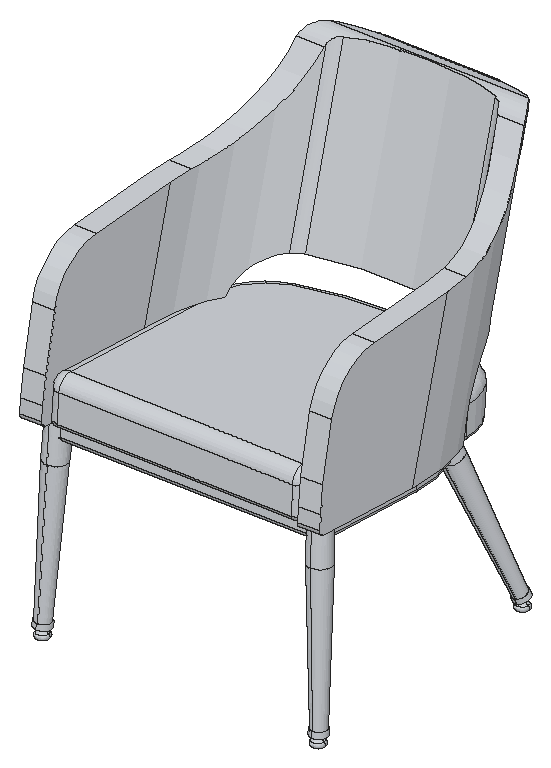
Revit family "Falcon-Metal-Tufgrain_9509-1", category Furniture, Revit 2017
Family settings
  OmniClass Number = 23.40.20.00
  OmniClass Title = General Furniture and Specialties
  Work Plane-Based = No
  Always vertical = Yes
  Cut with Voids When Loaded = No
  Shared = No
  Room Calculation Point = No
Parameters (values of type "9509-1")
  Width = 570.00 mm
  URL = "URL"
  Seat Material [instance] = none
  Product Documentation Link = "URL"
  Model = "9509-1 Lounge Chair"
  Manufacturer = "Falcon"
  Leg Material [instance] = none
  Inside Backrest Material [instance] = none
  Height = 820.00 mm
  Frame Material [instance] = none
  Description = "Tufgrain lounge chair"
  Depth = 650.00 mm
  Copyright © = "Inc"
  Outside Backrest Material [instance] = none
  Assembly Code = "E2020200"
Reference planes
  plane 1 "Center (Front/Back)": y = 0
  plane 2: z = 0
  plane 3 "Center (Left/Right)": x = 0
  plane 4: x = -285
  plane 5: y = -325
  plane 6: y = 325
  plane 7: x = 285
  plane 8: through (-240.125, -1524, 20.259) normal (-0.9798, 0, 0.1998)
  plane 9: through (-262.516, -1524, 20.259) normal (-0.9992, 0, 0.0388)
  plane 10: through (0, 325, 799.278) normal (0, -0.9637, 0.2672)
  plane 11: through (0, 169.774, 177.132) normal (0, 0.2672, 0.9637)
  plane 12: through (165.313, 296.44, 964.01) normal (0, -0.9637, 0.2672)
Forms (mm)
  Revolve 1, solid
    sketch origin (-311.957, -296.233, 1200) x (-1, 0, 0) y (0, 0, 1)
      loop
        line (-49.98, -1181.88) -> (-49.98, -1200) -> (-41.423, -1200)
        arc (-41.423, -1200) -> (-37.217, -1196.845) -> (-39.068, -1191.923) r 4.382
        arc (-39.068, -1191.923) -> (-43.025, -1187.601) -> (-44.291, -1181.88) r 11.317
        line (-44.291, -1181.88) -> (-49.98, -1181.88)
      axis (-49.98, -1200) -> (-49.98, -1181.88)
    angle from 0 to 360
  Revolve 2, solid
    sketch origin (-290.437, 216.267, 1200) x (-1, 0, 0) y (0, 0, 1)
      loop
        line (-49.98, -1176.191) -> (-49.98, -1200) -> (-41.423, -1200)
        arc (-41.423, -1200) -> (-37.217, -1196.845) -> (-39.068, -1191.923) r 4.382
        arc (-39.068, -1191.923) -> (-43.025, -1187.601) -> (-44.291, -1181.88) r 11.317
        arc (-44.291, -1181.88) -> (-45.957, -1177.857) -> (-49.98, -1176.191) r 5.689
      axis (-49.98, -1200) -> (-49.98, -1176.191)
    angle from 0 to 360
  Sweep 3, solid, material <- "Leg Material"
    path origin (0, 203.399, 328.688) x (0, -0.998253, 0.059076) y (1, 0, 0)
      loop
        line (269.648, -238.084) -> (467.3, -238.084) -> (467.3, 238.084) -> (269.648, 238.084)
        arc (269.648, 238.084) -> (31.564, 0) -> (269.648, -238.084) r 238.084
    profile origin (0, 171.89, 330.553) x (0, 0.998253, -0.059076) y (0, 0.059076, 0.998253)
      loop
        line (16.093, -16) -> (20.67, -16)
        arc (20.67, -16) -> (25.196, -14.125) -> (27.07, -9.6) r 6.4
        line (27.07, -9.6) -> (27.07, 9.595)
        arc (27.07, 9.595) -> (25.198, 14.118) -> (20.677, 15.995) r 6.4
        line (20.677, 15.995) -> (16.093, 16) -> (11.509, 15.995)
        arc (11.509, 15.995) -> (6.988, 14.118) -> (5.116, 9.595) r 6.4
        line (5.116, 9.595) -> (5.116, -9.6)
        arc (5.116, -9.6) -> (6.99, -14.125) -> (11.516, -16) r 6.4
        line (11.516, -16) -> (16.093, -16)
  Revolve 4, solid, material <- "Leg Material"
    sketch origin (-240.125, -1524, 20.259) x (-0.19977, 0, -0.979843) y (0, -1, 0)
      loop
        line (-7.782, -1736.744) -> (-316.088, -1624.53) -> (-320.488, -1645.5) -> (-276.173, -1661.63) -> (-12.168, -1748.794) -> (-7.782, -1736.744)
      axis (-7.782, -1736.744) -> (-316.088, -1624.53)
    angle from 0 to 360
  Revolve 5, solid, material <- "Leg Material"
    sketch origin (-262.516, -1524, 20.259) x (-0.038826, 0, -0.999246) y (0, -1, 0)
      loop
        line (-7.937, -1228.866) -> (-354.698, -1249.372) -> (-353.486, -1269.867) -> (-276.983, -1265.958) -> (-7.14, -1242.35) -> (-7.937, -1228.866)
      axis (-7.937, -1228.866) -> (-354.698, -1249.372)
    angle from 0 to 360
  Extrusion 6, void
    sketch origin (0, 203.399, 328.688) x (0, -0.998253, 0.059076) y (1, 0, 0)
      loop
        line (478.796, -268.594) -> (497.811, -268.594) -> (497.811, -249.58)
        arc (497.811, -249.58) -> (492.242, -263.025) -> (478.796, -268.594) r 19.015
      loop
        arc (478.796, 268.594) -> (492.242, 263.025) -> (497.811, 249.58) r 19.015
        line (497.811, 249.58) -> (497.811, 268.594) -> (478.796, 268.594)
    from -39.499 to 78.119
  Revolve 7, solid, material <- "Leg Material"
    sketch origin (262.516, -1524, 20.259) x (0.038826, 0, -0.999246) y (0, 1, 0)
      loop
        line (-7.937, 1228.866) -> (-7.14, 1242.35) -> (-276.983, 1265.958) -> (-353.486, 1269.867) -> (-354.698, 1249.372) -> (-7.937, 1228.866)
      axis (-7.937, 1228.866) -> (-354.698, 1249.372)
    angle from 0 to 360
  Extrusion 8, solid, material <- "Seat Material"
    sketch origin (0, 203.399, 328.688) x (0, -0.998253, 0.059076) y (1, 0, 0)
      loop
        line (489.718, -222.202) -> (489.718, 222.202)
        arc (489.718, 222.202) -> (489.425, 222.909) -> (488.718, 223.202) r 1
        line (488.718, 223.202) -> (131.894, 223.202)
        arc (131.894, 223.202) -> (76.742, 205.554) -> (42.081, 159.165) r 95
        arc (42.081, 159.165) -> (15.436, -0.039) -> (42.187, -159.225) r 487.965
        arc (42.187, -159.225) -> (76.852, -205.572) -> (131.979, -223.202) r 95
        line (131.979, -223.202) -> (488.718, -223.202)
        arc (488.718, -223.202) -> (489.425, -222.909) -> (489.718, -222.202) r 1
    from 16.634 to 101
  Sweep 9, solid, material <- "Seat Material"
    path in 3D
      loop
        arc (222.202, -279.497, 458.443) -> (222.909, -279.205, 458.425) -> (223.202, -278.499, 458.384) r 1
        line (223.202, -278.499, 458.384) -> (223.202, 77.702, 437.304)
        arc (223.202, 77.702, 437.304) -> (205.554, 132.757, 434.046) -> (159.165, 167.357, 431.998) r 95
        arc (159.165, 167.357, 431.998) -> (-0.039, 193.957, 430.424) -> (-159.225, 167.252, 432.004) r 487.965
        arc (-159.225, 167.252, 432.004) -> (-205.572, 132.647, 434.052) -> (-223.202, 77.617, 437.309) r 95
        line (-223.202, 77.617, 437.309) -> (-223.202, -278.499, 458.384)
        arc (-223.202, -278.499, 458.384) -> (-222.909, -279.205, 458.425) -> (-222.202, -279.497, 458.443) r 1
        line (-222.202, -279.497, 458.443) -> (222.202, -279.497, 458.443)
    profile origin (0, -279.497, 458.443) x (0, 0.998253, -0.059076) y (0, 0.059076, 0.998253)
      loop
        arc (0, 0) -> (-18.113, -7.503) -> (-25.615, -25.615) r 25.615
        line (-25.615, -25.615) -> (-25.615, -78.563)
        arc (-25.615, -78.563) -> (-23.915, -82.666) -> (-19.812, -84.366) r 5.803
        line (-19.812, -84.366) -> (0, -84.366) -> (0, 0)
  Extrusion 10, solid, material <- "Inside Backrest Material"
    sketch origin (0, 169.774, 177.132) x (0, 0.963651, -0.267164) y (-1, 0, 0)
      loop
        arc (-76.448, 141.958) -> (-58.166, -2.5) -> (-76.448, -146.958) r 579.846
        arc (-76.448, -146.958) -> (-80.843, -157.069) -> (-88.164, -165.313) r 35
        arc (-88.164, -165.313) -> (-193.686, -225.001) -> (-313.14, -245.702) r 355
        line (-313.14, -245.702) -> (-596.631, -245.702) -> (-596.631, -287.502) -> (-313.14, -287.502)
        arc (-313.14, -287.502) -> (-179.621, -264.364) -> (-61.674, -197.647) r 396.8
        arc (-61.674, -197.647) -> (-45.608, -179.559) -> (-35.966, -157.372) r 76.8
        arc (-35.966, -157.372) -> (-16.366, -2.5) -> (-35.966, 152.372) r 621.646
        arc (-35.966, 152.372) -> (-45.608, 174.559) -> (-61.674, 192.647) r 76.8
        arc (-61.674, 192.647) -> (-179.621, 259.364) -> (-313.14, 282.502) r 396.8
        line (-313.14, 282.502) -> (-596.631, 282.502) -> (-596.631, 240.702) -> (-313.14, 240.702)
        arc (-313.14, 240.702) -> (-193.686, 220.001) -> (-88.164, 160.313) r 355
        arc (-88.164, 160.313) -> (-80.843, 152.069) -> (-76.448, 141.958) r 35
    from 0 to 656.243
  Extrusion 11, void
    sketch origin (0, 0, 0) x (0, 1, 0) y (0, 0, 1)
      loop
        line (56.076, 353.544) -> (-315.091, 375.51)
        arc (-315.091, 375.51) -> (-321.977, 378.851) -> (-324.483, 386.083) r 10
        line (-324.483, 386.083) -> (-322.911, 412.646)
        arc (-322.911, 412.646) -> (-320.569, 436.869) -> (-316.429, 460.85) r 326.523
        line (-316.429, 460.85) -> (-294.916, 562.678)
        arc (-294.916, 562.678) -> (-259.219, 623.166) -> (-194.197, 649.723) r 110
        line (-194.197, 649.723) -> (28.342, 663.719)
        arc (28.342, 663.719) -> (156.049, 704.591) -> (249.121, 801.117) r 274.285
        arc (249.121, 801.117) -> (267.835, 817.494) -> (292.665, 818.875) r 38.187
        line (292.665, 818.875) -> (316.978, 811.986)
        arc (316.978, 811.986) -> (323.681, 806.704) -> (324.71, 798.232) r 11.189
        line (324.71, 798.232) -> (370.577, 798.232) -> (370.577, 1031.521) -> (-484.423, 1031.521) -> (-484.423, 141.521) -> (265.577, 141.521) -> (265.577, 485.89) -> (162.981, 488.362)
        arc (162.981, 488.362) -> (86.292, 457.725) -> (55.477, 381.107) r 105
        line (55.477, 381.107) -> (56.076, 353.544)
    from -367.976 to 349.939
  Revolve 12, solid, material <- "Leg Material"
    sketch origin (240.125, -1524, 20.259) x (0.19977, 0, -0.979843) y (0, 1, 0)
      loop
        line (-7.782, 1736.744) -> (-12.168, 1748.794) -> (-276.173, 1661.63) -> (-320.488, 1645.5) -> (-316.088, 1624.53) -> (-7.782, 1736.744)
      axis (-7.782, 1736.744) -> (-316.088, 1624.53)
    angle from 0 to 360
  Extrusion 13, solid
    sketch origin (238.57, 212.744, 27.884) x (-0.979843, 0, -0.19977) y (-0.068325, 0.939693, 0.335126)
      loop
        circle (0, 0) r 14.824
    from 0 to 9.7
  Extrusion 14, solid
    sketch origin (262.208, -295.134, 28.19) x (-0.999246, 0, -0.038826) y (0.002292, 0.998256, -0.058987)
      loop
        circle (0, 0) r 15.507
    from 0 to 10
  Revolve 15, solid
    sketch origin (311.957, -296.233, 1200) x (1, 0, 0) y (0, 0, -1)
      loop
        line (-49.98, 1181.88) -> (-44.291, 1181.88)
        arc (-44.291, 1181.88) -> (-43.025, 1187.601) -> (-39.068, 1191.923) r 11.317
        arc (-39.068, 1191.923) -> (-37.217, 1196.845) -> (-41.423, 1200) r 4.382
        line (-41.423, 1200) -> (-49.98, 1200) -> (-49.98, 1181.88)
      axis (-49.98, 1200) -> (-49.98, 1181.88)
    angle from 0 to 360
  Extrusion 16, solid
    sketch origin (-238.57, 212.744, 27.884) x (0.979843, 0, -0.19977) y (-0.068325, -0.939693, -0.335126)
      loop
        circle (0, 0) r 14.824
    from 0 to 9.7
  Extrusion 17, solid
    sketch origin (-262.208, -295.134, 28.19) x (0.999246, 0, -0.038826) y (0.002292, -0.998256, 0.058987)
      loop
        circle (0, 0) r 15.507
    from 0 to 10
  Revolve 18, solid
    sketch origin (290.437, 216.267, 1200) x (1, 0, 0) y (0, 0, -1)
      loop
        arc (-49.98, 1176.191) -> (-45.957, 1177.857) -> (-44.291, 1181.88) r 5.689
        arc (-44.291, 1181.88) -> (-43.025, 1187.601) -> (-39.068, 1191.923) r 11.317
        arc (-39.068, 1191.923) -> (-37.217, 1196.845) -> (-41.423, 1200) r 4.382
        line (-41.423, 1200) -> (-49.98, 1200) -> (-49.98, 1176.191)
      axis (-49.98, 1200) -> (-49.98, 1176.191)
    angle from 0 to 360
Cuts and joins
  Extrusion 6 cuts Sweep 3
  joined: Extrusion 8, Sweep 9
  Extrusion 11 cuts Extrusion 10
Lines and regions (mm)
  Masking region 1
    outline origin (0, 0, 0) x (1, 0, 0) y (0, 1, 0)
      loop
        spline (-152.372, 309.079) -> (-155.326, 308.287) -> (-158.246, 307.382) -> (-161.125, 306.366) -> (-163.96, 305.24) -> (-166.746, 304.005) -> (-169.479, 302.665) -> (-172.153, 301.221) -> (-174.766, 299.675) -> (-177.313, 298.03) -> (-179.789, 296.289) -> (-182.191, 294.453) -> (-184.514, 292.527)
        spline (-184.514, 292.527) -> (-185.244, 291.888) -> (-185.965, 291.236) -> (-186.677, 290.572) -> (-187.38, 289.896) -> (-188.073, 289.207) -> (-188.757, 288.508) -> (-189.432, 287.797) -> (-190.096, 287.074) -> (-190.75, 286.341) -> (-191.393, 285.598) -> (-192.025, 284.844) -> (-192.647, 284.08)
        spline (-192.647, 284.08) -> (-195.107, 280.942) -> (-197.473, 277.785) -> (-199.756, 274.602) -> (-201.958, 271.396) -> (-204.033, 268.223) -> (-205.991, 265.077) -> (-207.804, 262.005) -> (-209.445, 259.05) -> (-210.915, 256.224) -> (-212.161, 253.619) -> (-213.178, 251.256) -> (-213.982, 249.121)
        line (-213.982, 249.121) -> (-225.877, 218.133)
        spline (-225.877, 218.133) -> (-226.115, 219.746) -> (-226.554, 221.308) -> (-227.187, 222.796) -> (-228.005, 224.19) -> (-228.996, 225.47) -> (-230.147, 226.618) -> (-231.442, 227.618) -> (-232.862, 228.457) -> (-234.387, 229.121) -> (-235.997, 229.602) -> (-237.669, 229.894) -> (-239.378, 229.991)
        spline (-239.378, 229.991) -> (-242.511, 229.669) -> (-245.545, 228.715) -> (-248.34, 227.175) -> (-250.767, 225.12) -> (-252.713, 222.645) -> (-254.088, 219.864) -> (-254.828, 216.908) -> (-254.898, 213.912) -> (-254.297, 211.016) -> (-253.05, 208.354) -> (-251.217, 206.049) -> (-248.882, 204.208)
        line (-248.882, 204.208) -> (-238.544, 182.038)
        spline (-238.544, 182.038) -> (-241.325, 173.551) -> (-244.681, 164.056) -> (-248.478, 153.617) -> (-252.561, 142.323) -> (-256.789, 130.232) -> (-261.028, 117.4) -> (-265.148, 103.882) -> (-269.023, 89.733) -> (-272.533, 75.021) -> (-275.561, 59.817) -> (-277.992, 44.225) -> (-279.727, 28.342)
        spline (-279.727, 28.342) -> (-280.17, 24.234) -> (-280.574, 20.122) -> (-280.94, 16.006) -> (-281.268, 11.887) -> (-281.557, 7.765) -> (-281.808, 3.641) -> (-282.02, -0.486) -> (-282.194, -4.614) -> (-282.329, -8.744) -> (-282.425, -12.875) -> (-282.483, -17.006) -> (-282.502, -21.138)
        line (-282.502, -21.138) -> (-282.502, -325) -> (-240.702, -325) -> (-240.702, -310) -> (0, -310) -> (240.702, -310) -> (240.702, -325) -> (282.502, -325) -> (282.502, -21.138)
        spline (282.502, -21.138) -> (282.483, -17.006) -> (282.425, -12.875) -> (282.329, -8.744) -> (282.194, -4.614) -> (282.02, -0.486) -> (281.808, 3.641) -> (281.557, 7.765) -> (281.268, 11.887) -> (280.94, 16.006) -> (280.574, 20.122) -> (280.17, 24.234) -> (279.727, 28.342)
        spline (279.727, 28.342) -> (277.992, 44.225) -> (275.561, 59.817) -> (272.533, 75.021) -> (269.023, 89.733) -> (265.148, 103.882) -> (261.028, 117.4) -> (256.789, 130.232) -> (252.561, 142.323) -> (248.478, 153.617) -> (244.681, 164.056) -> (241.325, 173.551) -> (238.544, 182.038)
        line (238.544, 182.038) -> (248.882, 204.208)
        spline (248.882, 204.208) -> (251.217, 206.049) -> (253.05, 208.354) -> (254.297, 211.016) -> (254.898, 213.912) -> (254.828, 216.908) -> (254.088, 219.864) -> (252.713, 222.645) -> (250.767, 225.12) -> (248.34, 227.175) -> (245.545, 228.715) -> (242.511, 229.669) -> (239.378, 229.991)
        spline (239.378, 229.991) -> (237.669, 229.894) -> (235.997, 229.602) -> (234.387, 229.121) -> (232.862, 228.457) -> (231.442, 227.618) -> (230.147, 226.618) -> (228.996, 225.47) -> (228.005, 224.19) -> (227.187, 222.796) -> (226.554, 221.308) -> (226.115, 219.746) -> (225.877, 218.133)
        line (225.877, 218.133) -> (213.982, 249.121)
        spline (213.982, 249.121) -> (213.178, 251.256) -> (212.161, 253.619) -> (210.915, 256.224) -> (209.445, 259.05) -> (207.804, 262.005) -> (205.991, 265.077) -> (204.033, 268.223) -> (201.958, 271.396) -> (199.756, 274.602) -> (197.473, 277.785) -> (195.107, 280.942) -> (192.647, 284.08)
        spline (192.647, 284.08) -> (192.025, 284.844) -> (191.393, 285.598) -> (190.75, 286.341) -> (190.096, 287.074) -> (189.431, 287.797) -> (188.757, 288.508) -> (188.073, 289.208) -> (187.379, 289.896) -> (186.677, 290.572) -> (185.964, 291.236) -> (185.244, 291.888) -> (184.514, 292.527)
        spline (184.514, 292.527) -> (182.191, 294.453) -> (179.789, 296.289) -> (177.313, 298.03) -> (174.766, 299.675) -> (172.153, 301.221) -> (169.479, 302.665) -> (166.746, 304.005) -> (163.96, 305.24) -> (161.125, 306.366) -> (158.246, 307.382) -> (155.326, 308.287) -> (152.372, 309.079)
        spline (152.372, 309.079) -> (149.357, 309.818) -> (146.339, 310.542) -> (143.316, 311.251) -> (140.291, 311.946) -> (137.261, 312.626) -> (134.228, 313.292) -> (131.192, 313.943) -> (128.152, 314.579) -> (125.11, 315.201) -> (122.064, 315.808) -> (119.014, 316.4) -> (115.962, 316.978)
        arc (115.962, 316.978) -> (0, 325) -> (-115.962, 316.978) r 842.133
        spline (-115.962, 316.978) -> (-119.014, 316.4) -> (-122.064, 315.808) -> (-125.11, 315.201) -> (-128.152, 314.579) -> (-131.192, 313.943) -> (-134.228, 313.292) -> (-137.261, 312.626) -> (-140.291, 311.946) -> (-143.316, 311.251) -> (-146.339, 310.542) -> (-149.357, 309.818) -> (-152.372, 309.079)
  sketch lines
    curve 1: line (-222.202, -279.497, 458.443) -> (222.202, -279.497, 458.443)
    curve 2: line (-223.202, 77.617, 437.309) -> (-223.202, -278.499, 458.384)
    curve 3: arc (-222.202, -279.497, 458.443) -> (-222.909, -279.205, 458.425) -> (-223.202, -278.499, 458.384) r 1
    curve 4: arc (223.202, -278.499, 458.384) -> (222.909, -279.205, 458.425) -> (222.202, -279.497, 458.443) r 1
    curve 5: line (223.202, -278.499, 458.384) -> (223.202, 77.702, 437.304)
    curve 6: arc (-223.202, 77.617, 437.309) -> (-205.572, 132.647, 434.052) -> (-159.225, 167.252, 432.004) r 95
    curve 7: arc (159.165, 167.357, 431.998) -> (205.554, 132.757, 434.046) -> (223.202, 77.702, 437.304) r 95
    curve 8: arc (-159.225, 167.252, 432.004) -> (-0.039, 193.957, 430.424) -> (159.165, 167.357, 431.998) r 487.965
  symbolic lines, detail levels medium+fine
    curve 9: line (-208.149, 55.477, 0) -> (-161.681, 162.701, 0)
    curve 10: spline (-161.681, 162.701, 0) -> (-160.483, 164.34, 0) -> (-159.191, 165.907, 0) -> (-157.81, 167.396, 0) -> (-156.344, 168.802, 0) -> (-154.8, 170.12, 0) -> (-153.181, 171.346, 0) -> (-151.494, 172.477, 0) -> (-149.744, 173.507, 0) -> (-147.936, 174.433, 0) -> (-146.078, 175.253, 0) -> (-144.176, 175.964, 0) -> (-142.235, 176.563, 0)
    curve 11: spline (-142.235, 176.563, 0) -> (-118.53, 182.32, 0) -> (-94.598, 187.046, 0) -> (-70.484, 190.731, 0) -> (-46.232, 193.368, 0) -> (-21.889, 194.952, 0) -> (2.5, 195.481, 0) -> (26.889, 194.952, 0) -> (51.232, 193.368, 0) -> (75.484, 190.731, 0) -> (99.598, 187.046, 0) -> (123.53, 182.32, 0) -> (147.235, 176.563, 0)
    curve 12: spline (147.235, 176.563, 0) -> (149.176, 175.964, 0) -> (151.078, 175.253, 0) -> (152.936, 174.433, 0) -> (154.744, 173.507, 0) -> (156.494, 172.477, 0) -> (158.181, 171.346, 0) -> (159.8, 170.12, 0) -> (161.344, 168.802, 0) -> (162.81, 167.396, 0) -> (164.191, 165.907, 0) -> (165.483, 164.34, 0) -> (166.681, 162.701, 0)
    curve 13: line (166.681, 162.701, 0) -> (213.149, 55.477, 0)
    curve 14: arc (-65.886, 190.873, 0) -> (-131.856, 163.992, 0) -> (-188.646, 120.984, 0) r 273.471
    curve 15: arc (65.886, 190.873, 0) -> (138.158, 160.292, 0) -> (198.769, 110.445, 0) r 273.471
    curve 16: line (-240.702, -324.5, 0) -> (-240.702, -21.129, 0)
    curve 17: line (-162.003, 249.121, 0) -> (-237.597, 28.342, 0)
    curve 18: spline (-237.597, 28.342, 0) -> (-238.092, 24.238, 0) -> (-238.545, 20.13, 0) -> (-238.955, 16.017, 0) -> (-239.321, 11.899, 0) -> (-239.645, 7.779, 0) -> (-239.925, 3.655, 0) -> (-240.162, -0.472, 0) -> (-240.357, -4.601, 0) -> (-240.508, -8.731, 0) -> (-240.616, -12.863, 0) -> (-240.681, -16.996, 0) -> (-240.702, -21.129, 0)
    curve 19: line (-141.958, 267.995, 0) -> (-160.313, 252.73, 0)
    curve 20: spline (-160.313, 252.73, 0) -> (-160.483, 252.402, 0) -> (-160.648, 252.078, 0) -> (-160.809, 251.759, 0) -> (-160.963, 251.445, 0) -> (-161.112, 251.136, 0) -> (-161.256, 250.832, 0) -> (-161.395, 250.533, 0) -> (-161.528, 250.24, 0) -> (-161.655, 249.952, 0) -> (-161.777, 249.669, 0) -> (-161.893, 249.392, 0) -> (-162.003, 249.121, 0)
    curve 21: line (240.702, -324.5, 0) -> (240.702, -21.129, 0)
    curve 22: spline (160.313, 252.73, 0) -> (160.483, 252.402, 0) -> (160.648, 252.078, 0) -> (160.809, 251.759, 0) -> (160.963, 251.445, 0) -> (161.112, 251.136, 0) -> (161.256, 250.832, 0) -> (161.395, 250.533, 0) -> (161.528, 250.24, 0) -> (161.655, 249.952, 0) -> (161.777, 249.669, 0) -> (161.893, 249.392, 0) -> (162.003, 249.121, 0)
    curve 23: line (-225.852, 218.135, 0) -> (-238.544, 182.038, 0)
    curve 24: line (225.852, 218.135, 0) -> (238.544, 182.038, 0)
    curve 25: line (162.003, 249.121, 0) -> (237.597, 28.342, 0)
    curve 26: spline (237.597, 28.342, 0) -> (238.092, 24.238, 0) -> (238.545, 20.13, 0) -> (238.955, 16.017, 0) -> (239.321, 11.899, 0) -> (239.645, 7.779, 0) -> (239.925, 3.655, 0) -> (240.162, -0.472, 0) -> (240.357, -4.601, 0) -> (240.508, -8.731, 0) -> (240.616, -12.863, 0) -> (240.681, -16.996, 0) -> (240.702, -21.129, 0)
    curve 27: line (141.958, 267.995, 0) -> (160.313, 252.73, 0)
    curve 28: spline (160.313, 252.73, 0) -> (160.483, 252.402, 0) -> (160.648, 252.078, 0) -> (160.809, 251.759, 0) -> (160.963, 251.445, 0) -> (161.112, 251.136, 0) -> (161.256, 250.832, 0) -> (161.395, 250.533, 0) -> (161.528, 250.24, 0) -> (161.655, 249.952, 0) -> (161.777, 249.669, 0) -> (161.893, 249.392, 0) -> (162.003, 249.121, 0)
Dimensions and locks
  equal spacing: plane 5, plane 1 "Center (Front/Back)", plane 6
  equal spacing: plane 4, plane 3 "Center (Left/Right)", plane 7
  "Width": plane 4 to plane 7
  "Depth": plane 5 to plane 6
  radius of Extrusion 11 sketch curve = 105.00 mm
  aligned and locked: level to plane 2
  aligned and locked: plane 3 "Center (Left/Right)" to nested 1
  aligned and locked: plane 1 "Center (Front/Back)" to nested 1
Automatic sketch dimensions
  Revolve 1 sketch curve to level = 0.00 mm
  plane 4 to Revolve 1 sketch curve = 23.022 mm
  Revolve 1 sketch curve to Revolve 1 sketch curve = 5.689 mm
  level to Revolve 1 sketch curve = 4.382 mm
  Revolve 1 sketch curve to Revolve 1 sketch curve = 8.556 mm
  plane 4 to Revolve 1 sketch curve = 6.027 mm
  Revolve 1 sketch curve to Revolve 1 sketch curve = 13.238 mm
  Revolve 1 sketch curve to Revolve 1 sketch curve = 10.044 mm
  Revolve 1 sketch curve to Revolve 1 sketch curve = 0.00 mm  (x2)
  Revolve 1 sketch curve to Revolve 1 sketch curve = 13.373 mm
  Revolve 2 sketch curve to level = 0.00 mm
  level to Revolve 2 sketch curve = 23.809 mm
  plane 4 to Revolve 2 sketch curve = 44.543 mm
  Revolve 2 sketch curve to Revolve 2 sketch curve = 8.556 mm
  Revolve 2 sketch curve to Revolve 2 sketch curve = 8.439 mm
  level to Revolve 2 sketch curve = 4.382 mm
  Revolve 2 sketch curve to Revolve 2 sketch curve = 13.238 mm
  Revolve 2 sketch curve to Revolve 2 sketch curve = 5.689 mm
  Revolve 2 sketch curve to Revolve 2 sketch curve = 0.00 mm  (x2)
  Revolve 2 sketch curve to Revolve 2 sketch curve = 7.684 mm
  Sweep 3 sketch curve to profile plane = 5.116 mm
  Sweep 3 sketch curve to Sweep 3 sketch curve = 6.393 mm
  Sweep 3 sketch curve to Sweep 3 sketch curve = 6.40 mm  (x3)
  Sweep 3 sketch curve to Sweep 3 sketch curve = 4.584 mm  (x2)
  Sweep 3 sketch curve to Sweep 3 sketch curve = 4.577 mm  (x3)
  Sweep 3 sketch curve to profile plane = 16.00 mm
  profile plane to Sweep 3 sketch curve = 9.595 mm  (x2)
  Sweep 3 sketch curve to Sweep 3 sketch curve = 0.005 mm
  Revolve 4 sketch curve to plane 1 "Center (Front/Back)" = 121.50 mm
  Revolve 4 sketch curve to plane 1 "Center (Front/Back)" = 100.53 mm  (x2)
  Revolve 4 sketch curve to Revolve 4 sketch curve = 4.401 mm
  Revolve 4 sketch curve to plane 1 "Center (Front/Back)" = 137.63 mm
  Revolve 4 sketch curve to Revolve 4 sketch curve = 44.316 mm
  plane 6 to Revolve 4 sketch curve = 100.206 mm
  Revolve 4 sketch curve to Revolve 4 sketch curve = 264.005 mm
  plane 6 to Revolve 4 sketch curve = 112.256 mm
  Revolve 4 sketch curve to plane 1 "Center (Front/Back)" = 93.689 mm
  Revolve 4 sketch curve to Revolve 4 sketch curve = 18.794 mm
  Revolve 4 sketch curve to Revolve 4 sketch curve = 0.00 mm
  plane 5 to Revolve 5 sketch curve = 50.372 mm  (x2)
  plane 5 to Revolve 5 sketch curve = 70.867 mm
  Revolve 5 sketch curve to Revolve 5 sketch curve = 1.212 mm
  plane 5 to Revolve 5 sketch curve = 66.958 mm
  Revolve 5 sketch curve to Revolve 5 sketch curve = 76.502 mm
  plane 5 to Revolve 5 sketch curve = 29.866 mm
  plane 5 to Revolve 5 sketch curve = 43.35 mm
  Revolve 5 sketch curve to Revolve 5 sketch curve = 0.00 mm
  plane 5 to Revolve 5 sketch curve = 51.553 mm
  Revolve 5 sketch curve to Revolve 5 sketch curve = 19.965 mm
  Extrusion 6 sketch curve to Extrusion 6 sketch curve = 19.015 mm  (x2)
  Extrusion 6 sketch curve to Extrusion 6 sketch curve = 0.00 mm  (x6)
  plane 5 to Revolve 7 sketch curve = 50.372 mm  (x2)
  plane 5 to Revolve 7 sketch curve = 70.867 mm
  Revolve 7 sketch curve to Revolve 7 sketch curve = 1.212 mm
  plane 5 to Revolve 7 sketch curve = 66.958 mm
  Revolve 7 sketch curve to Revolve 7 sketch curve = 76.502 mm
  plane 5 to Revolve 7 sketch curve = 29.866 mm
  plane 5 to Revolve 7 sketch curve = 43.35 mm
  Revolve 7 sketch curve to Revolve 7 sketch curve = 0.00 mm
  plane 5 to Revolve 7 sketch curve = 51.553 mm
  Revolve 7 sketch curve to Revolve 7 sketch curve = 19.965 mm
  Extrusion 8 sketch curve to Extrusion 8 sketch curve = 1.00 mm  (x2)
  Extrusion 8 sketch curve to Extrusion 8 sketch curve = 0.00 mm
  Sweep 9 sketch curve to profile plane = 0.00 mm  (x2)
  Sweep 9 sketch curve to Sweep 9 sketch curve = 19.812 mm
  Sweep 9 sketch curve to Sweep 9 sketch curve = 5.803 mm
  Sweep 9 sketch curve to Sweep 9 sketch curve = 52.947 mm
  Extrusion 10 sketch curve to Extrusion 10 sketch curve = 0.00 mm  (x15)
  plane 12 to Extrusion 10 sketch curve = 0.00 mm  (x4)
  plane 12 to Extrusion 10 sketch curve = 22.181 mm  (x2)
  plane 4 to Extrusion 10 sketch curve = 44.298 mm
  plane 12 to Extrusion 10 sketch curve = 224.976 mm
  plane 7 to Extrusion 10 sketch curve = 39.298 mm
  Extrusion 10 sketch curve to Extrusion 10 sketch curve = 283.491 mm  (x2)
  plane 4 to Extrusion 10 sketch curve = 2.498 mm
  plane 3 "Center (Left/Right)" to Extrusion 10 sketch curve = 2.50 mm
  Extrusion 10 sketch curve to Extrusion 10 sketch curve = 41.38 mm
  Extrusion 10 sketch curve to plane 7 = 2.502 mm
  plane 3 "Center (Left/Right)" to Extrusion 10 sketch curve = 138.238 mm
  plane 3 "Center (Left/Right)" to Extrusion 10 sketch curve = 114.298 mm
  Extrusion 11 sketch curve to plane 10 = 0.00 mm
  Extrusion 11 sketch curve to plane 5 = 159.423 mm
  plane 5 to Extrusion 11 sketch curve = 0.517 mm
  plane 5 to Extrusion 11 sketch curve = 2.089 mm
  plane 5 to Extrusion 11 sketch curve = 8.571 mm
  plane 5 to Extrusion 11 sketch curve = 9.909 mm
  Extrusion 11 sketch curve to Extrusion 11 sketch curve = 9.983 mm
  plane 5 to Extrusion 11 sketch curve = 30.084 mm
  plane 5 to Extrusion 11 sketch curve = 130.803 mm
  Extrusion 11 sketch curve to Extrusion 11 sketch curve = 107.624 mm
  Extrusion 11 sketch curve to plane 1 "Center (Front/Back)" = 3.042 mm
  Extrusion 11 sketch curve to plane 1 "Center (Front/Back)" = 11.125 mm
  Extrusion 11 sketch curve to plane 1 "Center (Front/Back)" = 28.342 mm
  Extrusion 11 sketch curve to Extrusion 11 sketch curve = 52.435 mm
  Extrusion 11 sketch curve to Extrusion 11 sketch curve = 0.60 mm
  Extrusion 11 sketch curve to Extrusion 11 sketch curve = 104.975 mm
  Extrusion 11 sketch curve to Extrusion 11 sketch curve = 2.529 mm
  plane 6 to Extrusion 11 sketch curve = 59.423 mm
  plane 6 to Extrusion 11 sketch curve = 42.745 mm
  plane 6 to Extrusion 11 sketch curve = 32.335 mm
  plane 6 to Extrusion 11 sketch curve = 11.072 mm
  plane 6 to Extrusion 11 sketch curve = 8.022 mm
  plane 6 to Extrusion 11 sketch curve = 0.29 mm
  Extrusion 11 sketch curve to plane 6 = 45.577 mm
  Extrusion 11 sketch curve to Extrusion 11 sketch curve = 16.097 mm
  Extrusion 11 sketch curve to Extrusion 11 sketch curve = 118.415 mm
  Extrusion 11 sketch curve to Extrusion 11 sketch curve = 13.996 mm
  Extrusion 11 sketch curve to Extrusion 11 sketch curve = 87.046 mm
  Extrusion 11 sketch curve to Extrusion 11 sketch curve = 175.357 mm
  level to Extrusion 11 sketch curve = 141.521 mm
  Extrusion 11 sketch curve to Extrusion 11 sketch curve = 2.989 mm
  Extrusion 11 sketch curve to Extrusion 11 sketch curve = 6.889 mm
  Extrusion 11 sketch curve to Extrusion 11 sketch curve = 273.744 mm
  Extrusion 11 sketch curve to Extrusion 11 sketch curve = 219.534 mm
  Revolve 12 sketch curve to plane 1 "Center (Front/Back)" = 121.50 mm
  Revolve 12 sketch curve to plane 1 "Center (Front/Back)" = 100.53 mm  (x2)
  Revolve 12 sketch curve to Revolve 12 sketch curve = 4.401 mm
  Revolve 12 sketch curve to plane 1 "Center (Front/Back)" = 137.63 mm
  Revolve 12 sketch curve to Revolve 12 sketch curve = 44.316 mm
  plane 6 to Revolve 12 sketch curve = 100.206 mm
  Revolve 12 sketch curve to Revolve 12 sketch curve = 264.005 mm
  plane 6 to Revolve 12 sketch curve = 112.256 mm
  Revolve 12 sketch curve to plane 1 "Center (Front/Back)" = 93.689 mm
  Revolve 12 sketch curve to Revolve 12 sketch curve = 18.794 mm
  Revolve 12 sketch curve to Revolve 12 sketch curve = 0.00 mm
  Revolve 15 sketch curve to level = 0.00 mm
  plane 7 to Revolve 15 sketch curve = 23.022 mm
  Revolve 15 sketch curve to Revolve 15 sketch curve = 5.689 mm
  level to Revolve 15 sketch curve = 4.382 mm
  Revolve 15 sketch curve to Revolve 15 sketch curve = 8.556 mm
  plane 7 to Revolve 15 sketch curve = 6.027 mm
  Revolve 15 sketch curve to Revolve 15 sketch curve = 13.238 mm
  Revolve 15 sketch curve to Revolve 15 sketch curve = 10.044 mm
  Revolve 15 sketch curve to Revolve 15 sketch curve = 0.00 mm  (x2)
  Revolve 15 sketch curve to Revolve 15 sketch curve = 13.373 mm
  Extrusion 16 sketch curve to Extrusion 16 sketch curve = 0.00 mm  (x2)
  plane 8 to Extrusion 16 sketch curve = 0.00 mm
  Extrusion 16 sketch curve to Extrusion 16 sketch curve = 14.824 mm
  Extrusion 17 sketch curve to Extrusion 17 sketch curve = 0.00 mm  (x2)
  Extrusion 17 sketch curve to plane 9 = 0.00 mm
  Extrusion 17 sketch curve to Extrusion 17 sketch curve = 15.507 mm
  Revolve 18 sketch curve to level = 0.00 mm
  level to Revolve 18 sketch curve = 23.809 mm
  plane 7 to Revolve 18 sketch curve = 44.543 mm
  Revolve 18 sketch curve to Revolve 18 sketch curve = 8.556 mm
  Revolve 18 sketch curve to Revolve 18 sketch curve = 8.439 mm
  Revolve 18 sketch curve to Revolve 18 sketch curve = 5.689 mm
  Revolve 18 sketch curve to Revolve 18 sketch curve = 0.501 mm
  level to Revolve 18 sketch curve = 4.382 mm
  Revolve 18 sketch curve to Revolve 18 sketch curve = 0.00 mm  (x2)
  Revolve 18 sketch curve to Revolve 18 sketch curve = 7.684 mm
  Masking region 1 sketch curve to plane 5 = 0.00 mm  (x2)
  Masking region 1 sketch curve to plane 3 "Center (Left/Right)" = 0.00 mm  (x2)
  plane 6 to Masking region 1 sketch curve = 40.92 mm  (x2)
  plane 4 to Masking region 1 sketch curve = 92.353 mm
  Masking region 1 sketch curve to Masking region 1 sketch curve = 21.335 mm  (x2)
  Masking region 1 sketch curve to Masking region 1 sketch curve = 11.895 mm  (x2)
  Masking region 1 sketch curve to Masking region 1 sketch curve = 12.667 mm  (x2)
  plane 4 to Masking region 1 sketch curve = 44.298 mm
  Masking region 1 sketch curve to Masking region 1 sketch curve = 10.338 mm  (x2)
  plane 4 to Masking region 1 sketch curve = 5.273 mm
  plane 4 to Masking region 1 sketch curve = 2.498 mm
  plane 7 to Masking region 1 sketch curve = 44.298 mm
  plane 7 to Masking region 1 sketch curve = 5.273 mm
  plane 7 to Masking region 1 sketch curve = 2.498 mm
  Masking region 1 sketch curve to plane 5 = 192.133 mm
  Masking region 1 sketch curve to Masking region 1 sketch curve = 15.00 mm
  plane 1 "Center (Front/Back)" to Masking region 1 sketch curve = 21.138 mm  (x2)
  Masking region 1 sketch curve to plane 1 "Center (Front/Back)" = 28.342 mm  (x2)
  Masking region 1 sketch curve to Masking region 1 sketch curve = 102.043 mm  (x2)
  Masking region 1 sketch curve to Masking region 1 sketch curve = 22.171 mm  (x2)
  Masking region 1 sketch curve to Masking region 1 sketch curve = 13.924 mm  (x2)
  Masking region 1 sketch curve to Masking region 1 sketch curve = 30.988 mm  (x2)
  Masking region 1 sketch curve to plane 3 "Center (Left/Right)" = 2.50 mm
  plane 6 to Masking region 1 sketch curve = 8.022 mm  (x2)
  Masking region 1 sketch curve to Masking region 1 sketch curve = 76.685 mm  (x2)
  Masking region 1 sketch curve to Masking region 1 sketch curve = 16.685 mm  (x2)
  Masking region 1 sketch curve to Masking region 1 sketch curve = 0.591 mm  (x2)
  plane 6 to Masking region 1 sketch curve = 15.921 mm
  Masking region 1 sketch curve to Masking region 1 sketch curve = 19.725 mm  (x2)
  plane 1 "Center (Front/Back)" to Masking region 1 sketch curve = 21.131 mm  (x2)
  Masking region 1 sketch curve to Masking region 1 sketch curve = 120.945 mm  (x2)
  Masking region 1 sketch curve to Masking region 1 sketch curve = 29.142 mm  (x2)
  Masking region 1 sketch curve to Masking region 1 sketch curve = 8.132 mm  (x2)
  Masking region 1 sketch curve to Masking region 1 sketch curve = 3.944 mm  (x2)
  Masking region 1 sketch curve to Masking region 1 sketch curve = 1.519 mm  (x2)
  Masking region 1 sketch curve to Masking region 1 sketch curve = 0.00 mm  (x4)
  Masking region 1 sketch curve to Masking region 1 sketch curve = 11.982 mm  (x2)
  Masking region 1 sketch curve to Masking region 1 sketch curve = 1.013 mm  (x2)
  plane 5 to Masking region 1 sketch curve = 54.844 mm  (x2)
  Masking region 1 sketch curve to Masking region 1 sketch curve = 336.635 mm
  Masking region 1 sketch curve to Masking region 1 sketch curve = 11.853 mm  (x2)
  Masking region 1 sketch curve to Masking region 1 sketch curve = 11.603 mm  (x2)
  Masking region 1 sketch curve to Masking region 1 sketch curve = 20.527 mm
  plane 4 to curve 16 = 44.298 mm
  curve 17 to plane 1 "Center (Front/Back)" = 28.342 mm
  curve 16 to curve 17 = 3.105 mm
  plane 4 to curve 17 = 122.997 mm
  curve 17 to curve 9 = 0.322 mm
  plane 6 to curve 19 = 72.27 mm
  curve 17 to curve 19 = 1.69 mm
  plane 6 to curve 19 = 57.005 mm
  curve 20 to curve 19 = 18.355 mm
  curve 15 to plane 3 "Center (Left/Right)" = 3.444 mm
  plane 3 "Center (Left/Right)" to curve 14 = 3.444 mm
  plane 7 to curve 27 = 124.687 mm
  plane 6 to curve 25 = 75.879 mm
  curve 22 to curve 25 = 1.69 mm
  curve 22 to curve 13 = 4.678 mm
  plane 7 to curve 25 = 47.403 mm
  plane 1 "Center (Front/Back)" to curve 14 = 73.664 mm
  curve 15 to curve 14 = 0.00 mm
  plane 1 "Center (Front/Back)" to curve 16 = 21.129 mm
  curve 25 to plane 1 "Center (Front/Back)" = 28.342 mm
  curve 13 to curve 22 = 86.42 mm
  curve 9 to curve 19 = 90.029 mm
  curve 17 to curve 19 = 3.609 mm
  curve 25 to curve 27 = 3.609 mm
  plane 4 to curve 23 = 46.456 mm
  curve 23 to curve 23 = 12.692 mm
  curve 18 to curve 9 = 29.448 mm
  curve 14 to curve 9 = 26.965 mm
  curve 10 to curve 9 = 6.14 mm
  curve 20 to curve 17 = 0.494 mm
  curve 16 to curve 26 = 84.188 mm
  curve 10 to curve 11 = 19.446 mm
  curve 20 to curve 19 = 0.116 mm
  curve 11 to curve 10 = 9.317 mm
  curve 14 to plane 3 "Center (Left/Right)" = 65.886 mm
  plane 3 "Center (Left/Right)" to curve 11 = 2.50 mm
  plane 3 "Center (Left/Right)" to curve 15 = 65.886 mm
  curve 12 to curve 12 = 28.763 mm
  plane 6 to curve 27 = 57.005 mm
  curve 27 to curve 27 = 18.355 mm
  curve 27 to curve 22 = 0.116 mm
  curve 28 to curve 22 = 0.00 mm  (x2)
  curve 11 to curve 13 = 19.446 mm
  curve 18 to curve 21 = 84.188 mm
  curve 22 to curve 22 = 0.494 mm
  curve 12 to curve 12 = 6.14 mm
  curve 12 to curve 15 = 25.948 mm
  curve 13 to curve 25 = 24.448 mm
  plane 7 to curve 24 = 59.148 mm
  curve 24 to curve 24 = 12.692 mm
  curve 11 to plane 5 = 42.313 mm
  curve 11 to plane 7 = 280.457 mm
  plane 5 to curve 21 = 0.50 mm
  plane 5 to curve 16 = 0.50 mm
  curve 25 to curve 13 = 27.135 mm
  curve 18 to curve 9 = 27.135 mm
  curve 13 to curve 15 = 54.969 mm
  curve 14 to curve 9 = 41.717 mm
  curve 10 to curve 9 = 19.766 mm
  curve 12 to curve 24 = 19.336 mm
  curve 14 to curve 23 = 61.053 mm
  curve 23 to curve 23 = 36.097 mm
  curve 24 to curve 24 = 36.097 mm
  plane 1 "Center (Front/Back)" to curve 21 = 21.129 mm
  curve 25 to curve 21 = 3.105 mm
  Sweep 3 sketch curve to plane 3 "Center (Left/Right)" = 0.00 mm
  plane 7 to Sweep 3 sketch curve = 46.916 mm
  Sweep 3 sketch curve to Sweep 3 sketch curve = 197.652 mm
  plane 4 to Extrusion 6 sketch curve = 35.42 mm
  plane 7 to Extrusion 6 sketch curve = 35.42 mm
  plane 7 to Extrusion 6 sketch curve = 16.406 mm
  plane 7 to Extrusion 8 sketch curve = 61.798 mm
  Extrusion 8 sketch curve to plane 3 "Center (Left/Right)" = 128.202 mm
  Extrusion 8 sketch curve to Extrusion 8 sketch curve = 0.085 mm
  plane 4 to Extrusion 8 sketch curve = 62.798 mm
  Extrusion 8 sketch curve to Extrusion 8 sketch curve = 356.739 mm
  plane 3 "Center (Left/Right)" to Extrusion 8 sketch curve = 0.123 mm
  Extrusion 8 sketch curve to Extrusion 8 sketch curve = 13.683 mm
  Extrusion 8 sketch curve to Extrusion 8 sketch curve = 95.00 mm
  radius of Revolve 12 to Extrusion 13 sketch curve = 2.00 mm
  radius of Revolve 7 to Extrusion 14 sketch curve = 2.00 mm
Nested families
  nested 1: "Label 1-16" at (0, 0, 0), type "Center"
    with Offset (LR) 0.00 mm
Definition of nested family "Label 1-16"
  Parameters (values of type "Center")
    P_Width = 0.00 mm
    Text_Width = "Empty"
    Text_Height = "Empty"
    Text_Diameter = "Empty"
    Text_Depth = "Empty"
    Offset (LR) [instance] = 0.00 mm
    Model Name = "6961"
    P_Height = 0.00 mm
    Distance of Center (not Change) = 0.00 mm
    P_Diameter = 0.00 mm
    P_Depth = 0.00 mm
  Reference planes
    plane 1: y = 0
    plane 2: x = 0
  Lines and regions (mm)
    reference lines
      curve 1: line (-11.267, 0, 0) -> (10.436, 0, 0)
      curve 3: line (0, 8.271, 0) -> (0, -10.216, 0)
    reference lines, not visible
      curve 2: line (-11.267, 2.5, 0) -> (10.436, 2.5, 0)
      curve 4: line (0, 10.771, 0) -> (0, -7.716, 0)
  Text (mm)
    label "Empty" at (0.05, -0.201, 0), shows "Model Name"
    label "Empty" at (0.05, 2.299, 0), shows "Model Name", not visible
  Dimensions and locks
    "Distance of Center (not Change)": plane 1 to curve 1
    "Offset (LR)": curve 3 to plane 2
  Automatic sketch dimensions
    curve 1 to curve 3 = 11.267 mm
    curve 3 to curve 1 = 10.436 mm
    curve 3 to curve 1 = 10.216 mm
    curve 1 to curve 3 = 8.271 mm
    curve 2 to curve 4 = 11.267 mm
    curve 4 to curve 2 = 10.436 mm
    curve 4 to curve 2 = 10.216 mm
    curve 2 to curve 4 = 8.271 mm
